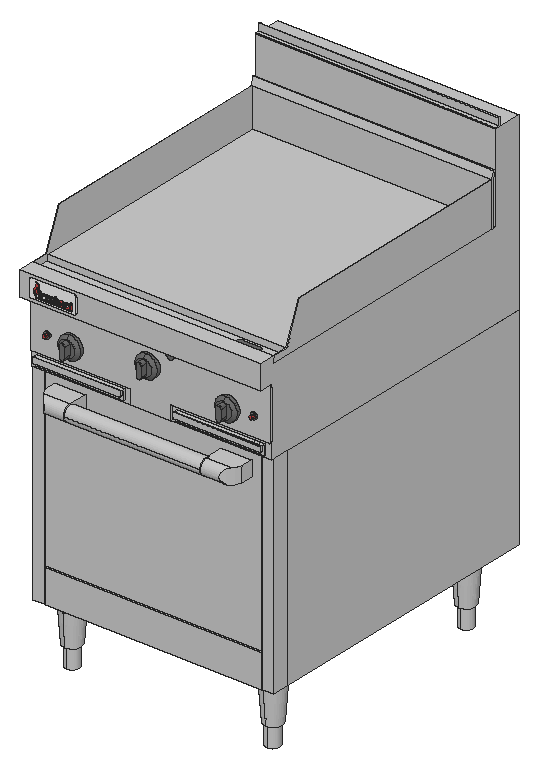
Revit family "QF_COMCATER ALL BRANDS_RCR6-6G", category Specialty Equipment, Revit 2014
Parameters (values of type "RCR6-6G_Natural Gas")
  URL Cutsheet = ""
  URL = ""
  Type Comments = "The Australian owned and designed* Trueheat RC Series of Gas Cooking Equipment has been developed for the restaurant and cafe market with a high quality finish, designed to fulfill the busy demands within a commercial kitchen.\r\n16mm thick steel griddle plate with 16.5MJ/hr burner per 300mm section.\r\n100% Flame failure controls included as standard. Piezo ignition on enclosed oven burners. Matt finish premium look.\r\n25MJ/hr static oven with two oven racks fit to removable vertical rack guides which provide 3 rack heights. Oven racks are fabricated from 304 stainless steel. Interior oven panels are coated with black vitreous enamel for ease of cleaning."
  Status [instance] = ""
  Specification by User [instance] = ""
  Specification by Manufacturer [instance] = ""
  Seismic Rating = ""
  SMACNA No = ""
  Revision Code [instance] = ""
  Nominal Gas power = 13800 W
  NAFEM Spec ID Number = ""
  Model = "RCR6-6G"
  Mechanical Connection Type [instance] = " "
  Masterspec = ""
  Manufacturer = "TRUEHEAT"
  Length Actual = 600 mm
  Item Number [instance] = ""
  Installed By [instance] = ""
  Identify Quantity as Lot [instance] = no
  Height Actual = 1135 mm
  Gas power kW = 13.8
  Gas Size Flexible = 0 mm
  Gas Size = 19.05 mm
  Gas RI Height [instance] = 0 mm
  Gas Flow = 0.0 L/s
  Gas Connection Height [instance] = 705 mm
  Furnished By [instance] = ""
  Foodservice Equipment Identifier [instance] = yes
  Description = "GRIDDLE RANGE WITH OVEN"
  Depth Actual = 830 mm
  CSI MasterFormat = ""
  BTUH = 13800 W
  Assembly Code = "E1090320"
  Accessory = no
Types (2): name
  RCR6-6G_Natural Gas
  RCR6-6G_LPG
Reference planes
  plane 1 "Center (Front/Back)": y = 0
  plane 2: z = 0
  plane 3 "Center (Left/Right)": x = 0
Forms (mm)
  Extrusion 1, solid
    sketch origin (96, 0, 705) x (1, 0, 0) y (0, 1, 0)
      loop
        line (0, 0) -> (2, 0) -> (2, 2) -> (0, 2) -> (0, 0)
    from 0 to 2
Dimensions and locks
  aligned and locked: level to plane 2
Nested families
  nested 1: "QF_COMCATER ALL BRANDS_RCR6-6G_Natural Gas" at (0, 0, 155), type "RCR6-6G_Natural Gas"
    with Show Logo yes, Show Clearance yes
  nested 2: "QF_COMCATER_THSP-10-00-003-6" at (0, 0, 0), type "THSP-10-00-003-6"
    with Show Logo yes, Show Clearance yes
Connectors
  piping at (97, 2, 706), diameter 19.05, driven by "Gas Size", driven by "Gas Flow"
    settings: on Extrusion 1, index 1, connector inside diameter 609.6 mm, connector length 0 mm, flow factor 0, pipe flow 0.0 L/s, pressure drop 0.0 Pa, fitting loss kfactor 0, connector angle 0.00°, fixture units 0, engagement length 0 mm, angle of deflection 0.00°, flow configuration 1, flow direction 1, fitting loss method 0, system type 22, joint type 0, gender type 0, connector reference index -1, connector utility 0, adjustable connector no, is connector primary yes, connector description "Gas connection for 'RCR6-6G'"
Definition of nested family "QF_COMCATER ALL BRANDS_RCR6-6G_Natural Gas"
  Parameters (values of type "RCR6-6G_Natural Gas")
    URL = "www.comcater.com.au"
    Show Logo [instance] = yes
    Show Clearance [instance] = yes
    Model = "RCR6-6G"
    Manufacturer = "TRUEHEAT"
    Description = "GRIDDLE RANGE WITH OVEN"
    Assembly Code = "E1090320"
  Reference planes
    plane 1 "Back": y = 0
    plane 2: z = 0
    plane 3 "Left": x = 0
    plane 4 "Right": x = 600
    plane 5 "Front": y = -803
    plane 6 "Top": z = 980
  Forms (mm)
    Extrusion 1, solid
      sketch origin (0, 0, 527.5) x (0, 1, 0) y (0, 0, 1)
        loop
          line (0, 432.5) -> (-70, 432.5) -> (-70, 212.5) -> (-762.176, 212.5) -> (-762.176, 227.5) -> (-803, 227.5) -> (-803, 167.5) -> (-768, 167.5) -> (-768, -2.5) -> (0, -2.5) -> (0, 432.5)
      from 0 to 600
    Extrusion 2, solid
      sketch origin (0, 10, 527.5) x (0, 1, 0) y (0, 0, 1)
        loop
          line (-87.071, 341.25) -> (-92.176, 322.195) -> (-92.176, 212.5) -> (-90.176, 212.5) -> (-90.176, 321.931) -> (-85, 341.25) -> (-87.071, 341.25)
      from 0 to 600
    Extrusion 3, solid
      sketch origin (598, 0, 527.5) x (0, 1, 0) y (0, 0, 1)
        loop
          line (-82.176, 322.195) -> (-682.176, 322.195) -> (-722.176, 227.5) -> (-762.176, 227.5) -> (-762.176, 212.5) -> (-82.176, 212.5) -> (-82.176, 322.195)
      from 0 to 2
    Extrusion 4, solid
      sketch origin (-4.5, -360, 512.5) x (1, 0, 0) y (0, 0, 1)
        loop
          line (6.5, 227.5) -> (602.5, 227.5) -> (602.5, 242.5) -> (6.5, 242.5) -> (6.5, 227.5)
      from -277.824 to 362.176
    Revolve 5, solid
      sketch origin (108.337, 8, 35.737) x (0, 1, 0) y (0, 0, 1)
        loop
          line (-786.003, 575.513) -> (-801, 575.513) -> (-801, 555.163) -> (-793.012, 547.176) -> (-786.003, 547.176) -> (-786.003, 575.513)
        axis (-786.003, 575.513) -> (-801, 575.513)
      angle from 0 to 360
    Extrusion 6, solid
      sketch origin (-264.343, -780, -888.928) x (-0.707107, 0, -0.707107) y (-0.707107, 0, 0.707107)
        loop
          arc (-1328.297, 810.227) -> (-1337.277, 810.227) -> (-1337.277, 801.247) r 6.35
          line (-1337.277, 801.247) -> (-1320.325, 784.294)
          arc (-1320.325, 784.294) -> (-1311.344, 784.294) -> (-1311.344, 793.275) r 6.35
          line (-1311.344, 793.275) -> (-1328.297, 810.227)
      from -13 to -28
    Extrusion 7, solid
      sketch origin (115.838, 32, 583.75) x (1, 0, 0) y (0, 0, 1)
        loop
          circle (234.162, 91.25) r 10.607
      from 803 to 805
    Extrusion 8, solid
      sketch origin (0, -768, 527.5) x (1, 0, 0) y (0, 0, 1)
        loop
          line (0, 162.5) -> (0, 40)
          arc (0, 40) -> (1.464, 36.464) -> (5, 35) r 5
          line (5, 35) -> (250, 35) -> (250, 0) -> (350, 0) -> (350, 35) -> (595, 35)
          arc (595, 35) -> (598.536, 36.464) -> (600, 40) r 5
          line (600, 40) -> (600, 162.5)
          arc (600, 162.5) -> (598.536, 166.036) -> (595, 167.5) r 5
          line (595, 167.5) -> (5, 167.5)
          arc (5, 167.5) -> (1.464, 166.036) -> (0, 162.5) r 5
      from 0 to 3
    Extrusion 9, solid
      sketch origin (92.5, -781, 527.5) x (1, 0, 0) y (0, 0, 1)
        loop
          arc (-77.5, 20) -> (-76.036, 16.464) -> (-72.5, 15) r 5
          line (-72.5, 15) -> (137.5, 15)
          arc (137.5, 15) -> (141.036, 16.464) -> (142.5, 20) r 5
          line (142.5, 20) -> (142.5, 30) -> (-77.5, 30) -> (-77.5, 20)
      from 0 to 2
    Extrusion 10, solid
      sketch origin (92.5, -5, 527.5) x (0, 1, 0) y (0, 0, 1)
        loop
          line (-776, 30) -> (-776, 27.971) -> (-768.029, 27.971) -> (-768.029, 4.971) -> (-766, 4.971) -> (-766, 30) -> (-776, 30)
      from -77.5 to 142.5
    Extrusion 11, solid, visible <- "Show Logo"
      sketch origin (30, -802.5, 534.763) x (1, 0, 0) y (0, 0, 1)
        loop
          line (98.5, 191.841) -> (96.5, 191.841) -> (96.5, 189.798) -> (95.026, 189.798) -> (95.026, 187.798) -> (96.5, 187.798) -> (96.5, 175.237) -> (98.5, 175.237) -> (98.5, 187.798) -> (100, 187.798) -> (100, 189.798) -> (98.5, 189.798) -> (98.5, 191.841)
        loop
          line (94, 187.798) -> (92, 187.798) -> (92, 186.56)
          arc (92, 186.56) -> (81.976, 181.518) -> (92, 176.475) r 6.28
          line (92, 176.475) -> (92, 175.237) -> (94, 175.237) -> (94, 187.798)
        loop
          arc (92, 183.592) -> (83.976, 181.518) -> (92, 179.443) r 4.28
          line (92, 179.443) -> (92, 183.592)
        loop
          line (65.446, 184.298) -> (65.446, 175.237) -> (67.446, 175.237) -> (67.446, 184.729)
          arc (67.446, 184.729) -> (64.497, 187.542) -> (60.446, 187.101) r 4.833
          line (60.446, 187.101) -> (60.446, 191.841) -> (58.446, 191.841) -> (58.446, 175.237) -> (60.446, 175.237) -> (60.446, 184.298)
          arc (60.446, 184.298) -> (62.946, 185.798) -> (65.446, 184.298) r 2.833
        loop
          arc (80.998, 181.518) -> (69.107, 184.34) -> (78.461, 176.475) r 6.28
          line (78.461, 176.475) -> (77.269, 178.081)
          arc (77.269, 178.081) -> (72.794, 177.694) -> (70.437, 181.518) r 4.28
          line (70.437, 181.518) -> (80.998, 181.518)
        loop
          arc (78.502, 183.518) -> (74.717, 185.798) -> (70.933, 183.518) r 4.28
          line (70.933, 183.518) -> (78.502, 183.518)
      from 0 to 2
    Extrusion 12, solid, visible <- "Show Logo"
      sketch origin (14.146, -802.5, 534.763) x (1, 0, 0) y (0, 0, 1)
        loop
          arc (70.804, 183.518) -> (67.02, 185.798) -> (63.236, 183.518) r 4.28
          line (63.236, 183.518) -> (70.804, 183.518)
        loop
          arc (73.3, 181.518) -> (61.409, 184.34) -> (70.764, 176.475) r 6.28
          line (70.764, 176.475) -> (69.572, 178.081)
          arc (69.572, 178.081) -> (65.096, 177.694) -> (62.74, 181.518) r 4.28
          line (62.74, 181.518) -> (73.3, 181.518)
        loop
          line (34.617, 191.841) -> (34.617, 189.798) -> (33.143, 189.798) -> (33.143, 187.798) -> (34.617, 187.798) -> (34.617, 175.237) -> (36.617, 175.237) -> (36.617, 187.798) -> (38.117, 187.798) -> (38.117, 189.798) -> (36.617, 189.798) -> (36.617, 191.841) -> (34.617, 191.841)
        loop
          arc (57.696, 178.737) -> (55.196, 177.237) -> (52.696, 178.737) r 2.833
          line (52.696, 178.737) -> (52.696, 187.798) -> (50.696, 187.798) -> (50.696, 178.307)
          arc (50.696, 178.307) -> (55.196, 175.237) -> (59.696, 178.307) r 4.833
          line (59.696, 178.307) -> (59.696, 187.798) -> (57.696, 187.798) -> (57.696, 178.737)
        loop
          line (41.117, 186.56) -> (41.117, 187.798) -> (39.117, 187.798) -> (39.117, 175.237) -> (41.117, 175.237) -> (41.117, 183.592)
          arc (41.117, 183.592) -> (44.587, 185.789) -> (48.31, 184.053) r 4.28
          line (48.31, 184.053) -> (49.735, 185.478)
          arc (49.735, 185.478) -> (45.643, 187.749) -> (41.117, 186.56) r 6.28
      from 0 to 2
    Extrusion 13, solid, visible <- "Show Logo"
      sketch origin (0, -802.5, 532.5) x (1, 0, 0) y (0, 0, 1)
        loop
          line (130, 176.5) -> (40, 176.5) -> (40, 175.5) -> (130, 175.5) -> (130, 176.5)
        loop
          arc (40, 177.5) -> (40.603, 181.061) -> (42.43, 184.177) r 10.013
          arc (42.43, 184.177) -> (44.457, 187.03) -> (45.914, 190.212) r 18.627
          arc (45.914, 190.212) -> (46.43, 193.956) -> (45.458, 197.608) r 9.58
          arc (45.458, 197.608) -> (44.352, 194.23) -> (41.979, 191.583) r 8.629
          arc (41.979, 191.583) -> (38.017, 184.959) -> (40, 177.5) r 9.924
        loop
          arc (39.054, 199.801) -> (35.351, 191.043) -> (36.701, 181.631) r 17.746
          arc (36.701, 181.631) -> (36.715, 187.191) -> (39.483, 192.014) r 10.848
          arc (39.483, 192.014) -> (42.461, 196.051) -> (44.165, 200.77) r 17.413
          arc (44.165, 200.77) -> (46.042, 199.588) -> (47.328, 197.781) r 5.718
          arc (47.328, 197.781) -> (46.772, 205.563) -> (40.995, 210.808) r 10.489
          arc (40.995, 210.808) -> (41.42, 205.059) -> (39.054, 199.801) r 11.727
      from 0 to 2
    Extrusion 14, solid, visible <- "Show Logo"
      sketch origin (0, -802, 532.5) x (1, 0, 0) y (0, 0, 1)
        loop
          line (29.373, 170.5) -> (135, 170.5)
          arc (135, 170.5) -> (138.536, 171.964) -> (140, 175.5) r 5
          line (140, 175.5) -> (140, 210.808)
          arc (140, 210.808) -> (138.536, 214.344) -> (135, 215.808) r 5
          line (135, 215.808) -> (29.373, 215.808)
          arc (29.373, 215.808) -> (25.837, 214.344) -> (24.373, 210.808) r 5
          line (24.373, 210.808) -> (24.373, 175.5)
          arc (24.373, 175.5) -> (25.837, 171.964) -> (29.373, 170.5) r 5
      from 0 to 2
    Extrusion 15, solid
      sketch origin (122.5, 20, 740) x (1, 0, 0) y (0, 1, 0)
        loop
          arc (377.5, -752.176) -> (367.5, -762.176) -> (377.5, -772.176) r 10
          line (377.5, -772.176) -> (417.5, -772.176)
          arc (417.5, -772.176) -> (427.5, -762.176) -> (417.5, -752.176) r 10
          line (417.5, -752.176) -> (377.5, -752.176)
      from 0 to 2
    Extrusion 16, solid
      sketch origin (-0.651, 232.549, -154.55) x (0, 1, 0) y (0, 0, 1)
        loop
          circle (-1043.639, 639.629) r 18.893
      from 130.651 to 470.651
    Extrusion 17, solid
      sketch origin (0, -45.176, -155) x (0, 1, 0) y (0, 0, 1)
        loop
          line (-717.007, 680) -> (-717.007, 242) -> (-677, 242) -> (-677, 680) -> (-717.007, 680)
      from 30 to 570
    Extrusion 18, void
      sketch origin (0, -26.983, -155) x (1, 0, 0) y (0, 1, 0)
        loop
          arc (82.311, -803.017) -> (66.504, -785.661) -> (54.97, -765.213) r 104.494
          line (54.97, -765.213) -> (54.97, -803.017) -> (82.311, -803.017)
      from 621.18 to 659
    Extrusion 19, solid
      sketch origin (0, -45.183, -155) x (0, 1, 0) y (0, 0, 1)
        loop
          line (-677, 155) -> (-677, 237) -> (-717, 237) -> (-717, 155) -> (-677, 155)
      from 30 to 570
    Extrusion 20, solid
      sketch origin (0, -45.176, -155) x (1, 0, 0) y (0, 0, 1)
        loop
          line (0, 680) -> (0, 155) -> (28, 155) -> (28, 680) -> (0, 680)
        loop
          line (572, 680) -> (572, 155) -> (600, 155) -> (600, 680) -> (572, 680)
      from 677 to 717.007
    Revolve 21, solid
      sketch origin (499.175, 8, 35.737) x (0, 1, 0) y (0, 0, -1)
        loop
          line (-786.003, -575.513) -> (-786.003, -547.176) -> (-793.012, -547.176) -> (-801, -555.163) -> (-801, -575.513) -> (-786.003, -575.513)
        axis (-786.003, -575.513) -> (-801, -575.513)
      angle from 0 to 360
    Extrusion 22, solid
      sketch origin (871.856, -780, -888.928) x (0.707107, 0, -0.707107) y (-0.707107, 0, -0.707107)
        loop
          line (-1328.297, -810.227) -> (-1311.344, -793.275)
          arc (-1311.344, -793.275) -> (-1311.344, -784.294) -> (-1320.325, -784.294) r 6.35
          line (-1320.325, -784.294) -> (-1337.277, -801.247)
          arc (-1337.277, -801.247) -> (-1337.277, -810.227) -> (-1328.297, -810.227) r 6.35
      from -13 to -28
    Revolve 23, solid
      sketch origin (300, 8, 61.149) x (0, 1, 0) y (0, 0, -1)
        loop
          line (-786.003, -575.513) -> (-786.003, -547.176) -> (-793, -547.176) -> (-801, -555.176) -> (-801, -575.513) -> (-786.003, -575.513)
        axis (-786.003, -575.513) -> (-801, -575.513)
      angle from 0 to 360
    Extrusion 24, solid
      sketch origin (672.681, -780, -863.515) x (0.707107, 0, -0.707107) y (-0.707107, 0, -0.707107)
        loop
          line (-1328.297, -810.227) -> (-1311.344, -793.275)
          arc (-1311.344, -793.275) -> (-1311.344, -784.294) -> (-1320.325, -784.294) r 6.35
          line (-1320.325, -784.294) -> (-1337.277, -801.247)
          arc (-1337.277, -801.247) -> (-1337.277, -810.227) -> (-1328.297, -810.227) r 6.35
      from -13 to -28
    Extrusion 25, solid
      sketch origin (0, -8.09, -155) x (0, 1, 0) y (0, 0, 1)
        loop
          line (-754.093, 659) -> (-803, 659)
          arc (-803, 659) -> (-821.91, 640.09) -> (-803, 621.18) r 18.91
          line (-803, 621.18) -> (-754.093, 621.18) -> (-754.093, 659)
      from 54.97 to 130
    Extrusion 26, solid
      sketch origin (0, 677, -155) x (1, 0, 0) y (0, 0, 1)
        loop
          line (0, 680) -> (0, 155) -> (600, 155) -> (600, 680) -> (0, 680)
      from 677 to 1399.176
    Extrusion 27, solid
      sketch origin (600, -8.09, -155) x (0, 1, 0) y (0, 0, -1)
        loop
          line (-754.093, -659) -> (-754.093, -621.18) -> (-803, -621.18)
          arc (-803, -621.18) -> (-821.91, -640.09) -> (-803, -659) r 18.91
          line (-803, -659) -> (-754.093, -659)
      from 54.97 to 130
    Extrusion 28, void
      sketch origin (600, -26.983, -155) x (-1, 0, 0) y (0, -1, 0)
        loop
          line (82.311, 803.017) -> (54.97, 803.017) -> (54.97, 765.213)
          arc (54.97, 765.213) -> (66.504, 785.661) -> (82.311, 803.017) r 104.494
      from 621.18 to 659
    Extrusion 29, solid
      sketch origin (0, -5, -155) x (1, 0, 0) y (0, 0, 1)
        loop
          circle (108.338, 766.25) r 8
      from 766 to 773.003
    Extrusion 30, solid
      sketch origin (390.837, -5, -155) x (1, 0, 0) y (0, 0, 1)
        loop
          circle (108.338, 766.25) r 8
      from 766 to 773.003
    Extrusion 31, solid
      sketch origin (191.662, -5, -129.588) x (1, 0, 0) y (0, 0, 1)
        loop
          circle (108.338, 766.25) r 8
      from 766 to 773.003
    Extrusion 32, solid
      sketch origin (507.5, -781, 527.5) x (-1, 0, 0) y (0, 0, -1)
        loop
          line (-77.5, -20) -> (-77.5, -30) -> (142.5, -30) -> (142.5, -20)
          arc (142.5, -20) -> (141.036, -16.464) -> (137.5, -15) r 5
          line (137.5, -15) -> (-72.5, -15)
          arc (-72.5, -15) -> (-76.036, -16.464) -> (-77.5, -20) r 5
      from 0 to 2
    Extrusion 33, solid
      sketch origin (507.5, -5, 527.5) x (0, 1, 0) y (0, 0, -1)
        loop
          line (-776, -30) -> (-766, -30) -> (-766, -4.971) -> (-768.029, -4.971) -> (-768.029, -27.971) -> (-776, -27.971) -> (-776, -30)
      from -77.5 to 142.5
    Extrusion 34, solid, visible <- "Show Clearance", detail levels coarse
      sketch origin (0, -5, -155) x (0, 1, 0) y (0, 0, 1)
        loop
          line (-768.029, 687.471) -> (-768.029, 712.5) -> (-1191.183, 712.5) -> (-1191.183, 687.471) -> (-768.029, 687.471)
      from 15 to 235
    Extrusion 35, solid, visible <- "Show Clearance", detail levels coarse
      sketch origin (350, -5, -155) x (0, 1, 0) y (0, 0, 1)
        loop
          line (-768.029, 687.471) -> (-768.029, 712.5) -> (-1191.183, 712.5) -> (-1191.183, 687.471) -> (-768.029, 687.471)
      from 15 to 235
    Extrusion 36, solid, visible <- "Show Clearance", detail levels coarse
      sketch origin (0, 0.817, -155) x (0, 1, 0) y (0, 0, 1)
        loop
          arc (-763, 676) -> (-1069.884, 548.884) -> (-1197, 242) r 434
          line (-1197, 242) -> (-763, 242) -> (-763, 676)
      from 30 to 570
    Extrusion 37, solid
      sketch origin (0, -23, 525) x (0, 1, 0) y (0, 0, 1)
        loop
          line (-47, 435) -> (-35, 435) -> (-35, 455) -> (-37, 455) -> (-37, 437) -> (-47, 437) -> (-47, 435)
      from 0 to 600
    Extrusion 38, solid
      sketch origin (96, 10, -303) x (1, 0, 0) y (0, 0, 1)
        loop
          circle (0, 850) r 9.3
      from 0 to 10
    Extrusion 39, solid
      sketch origin (0, 0, 527.5) x (0, 1, 0) y (0, 0, 1)
        loop
          line (-82.176, 322.195) -> (-682.176, 322.195) -> (-722.176, 227.5) -> (-762.176, 227.5) -> (-762.176, 212.5) -> (-82.176, 212.5) -> (-82.176, 322.195)
      from 0 to 2
    Revolve 40, solid
      sketch origin (42.5, -8, 468.623) x (0, 1, 0) y (0, 0, 1)
        loop
          line (-763, 142.627) -> (-763, 150.127) -> (-765.011, 150.127) -> (-767, 146.627) -> (-767, 142.627) -> (-763, 142.627)
        axis (-767, 142.627) -> (-763, 142.627)
      angle from 0 to 360
    Extrusion 41, solid
      sketch origin (42.5, -8, 468.623) x (1, 0, 0) y (0, 0, 1)
        loop
          circle (0, 142.627) r 4
      from 772.997 to 767
    Revolve 42, solid
      sketch origin (557.5, -8, 468.623) x (0, 1, 0) y (0, 0, -1)
        loop
          line (-763, -142.627) -> (-767, -142.627) -> (-767, -146.627) -> (-765.011, -150.127) -> (-763, -150.127) -> (-763, -142.627)
        axis (-767, -142.627) -> (-763, -142.627)
      angle from 0 to 360
    Extrusion 43, solid
      sketch origin (557.5, -8, 468.623) x (-1, 0, 0) y (0, 0, -1)
        loop
          circle (0, -142.627) r 4
      from 772.997 to 767
    Extrusion 44, solid, visible <- "Show Clearance", detail levels coarse
      sketch origin (0, 0, -155) x (1, 0, 0) y (0, 1, 0)
        loop
          line (750, 150) -> (-150, 150) -> (-150, -803) -> (0, -803) -> (0, 0) -> (600, 0) -> (600, -803) -> (750, -803) -> (750, 150)
      from 155 to 1135
  Cuts and joins
    Extrusion 18, Extrusion 28 cuts Extrusion 25
    Extrusion 28 cuts Extrusion 27
  Lines and regions (mm)
    symbolic lines, style "200-EquipBorder-2D"
      curve 1: line (0, 0, 0) -> (600, 0, 0)
      curve 2: line (600, -803, 0) -> (0, -803, 0)
      curve 6: line (0, 0, 0) -> (0, -803, 0)
      curve 7: line (600, -803, 0) -> (600, 0, 0)
      curve 11: line (86.7, 10, 0) -> (105.3, 10, 0)
      curve 12: line (105.3, 10, 0) -> (105.3, 0, 0)
      curve 13: line (86.7, 10, 0) -> (86.7, 0, 0)
      curve 14: line (82.311, -830, 0) -> (517.689, -830, 0)
      curve 15: arc (539.695, -803, 0) -> (529.825, -817.423, 0) -> (517.689, -830, 0) r 104.494
      curve 16: arc (82.311, -830, 0) -> (70.175, -817.423, 0) -> (60.305, -803, 0) r 104.494
      curve 28: line (0, -70, 0) -> (600, -70, 0)
    symbolic lines, style "QF_Door-Drawer Clearances", visible <- "Show Clearance"
      curve 3: line (30, -803, 0) -> (30, -1196.183, 0)
      curve 4: line (30, -1196.183, 0) -> (570, -1196.183, 0)
      curve 5: line (570, -1196.183, 0) -> (570, -803, 0)
    symbolic lines, style "200-EquipInternal-2D"
      curve 8: line (2, -722.176, 0) -> (598, -722.176, 0)
      curve 9: line (600, -762.176, 0) -> (0, -762.176, 0)
      curve 10: line (2, -762.176, 0) -> (2, -82.176, 0)
      curve 17: line (598, -82.176, 0) -> (598, -762.176, 0)
      curve 18: line (2, -82.176, 0) -> (598, -82.176, 0)
      curve 22: line (500, -732.176, 0) -> (540, -732.176, 0)
      curve 23: line (540, -752.176, 0) -> (500, -752.176, 0)
      curve 24: arc (500, -732.176, 0) -> (490, -742.176, 0) -> (500, -752.176, 0) r 10
      curve 25: arc (540, -752.176, 0) -> (550, -742.176, 0) -> (540, -732.176, 0) r 10
      curve 26: line (600, -58, 0) -> (0, -58, 0)
      curve 27: line (0, -60, 0) -> (600, -60, 0)
      curve 29: line (600, -80.176, 0) -> (0, -80.176, 0)
    symbolic lines, style "QF_Clearances", visible <- "Show Clearance"
      curve 19: line (-150, 150, 0) -> (750, 150, 0)
      curve 20: line (750, 150, 0) -> (750, -803, 0)
      curve 21: line (-150, 150, 0) -> (-150, -803, 0)
  Dimensions and locks
    plane 1 "Back" to plane 5 "Front" = 803 mm
    plane 6 "Top" to level = 980 mm
    plane 3 "Left" to plane 4 "Right" = 600 mm
    plane 5 "Front" to plane 1 "Back" = 803 mm
    plane 4 "Right" to plane 3 "Left" = 600 mm
    aligned and locked: level to plane 2
  Connectors
    piping at (96, 10, 547), diameter 19
      settings: on Extrusion 38, index 1, connector inside diameter 609.6 mm, connector length 0 mm, flow factor 0, pipe flow 0.0 L/s, pressure drop 0.0 Pa, fitting loss kfactor 0, connector angle 0.00°, fixture units 0, engagement length 0 mm, angle of deflection 0.00°, flow configuration 1, flow direction 1, fitting loss method 0, system type 22, joint type 0, gender type 0, connector reference index -1, connector utility 0, adjustable connector no, is connector primary yes, connector description "Gas Inlet"
Definition of nested family "QF_COMCATER_THSP-10-00-003-6"
  Parameters (values of type "THSP-10-00-003-6")
    URL = ""
    Type Comments = ""
    Show Logo [instance] = yes
    Show Clearance [instance] = yes
    Model = "THSP-10-00-003"
    Manufacturer = "TRUEHEAT"
    Length Actual = 600 mm
    Height Actual = 155 mm
    Description = "4 LEGS FOR RCR6"
    Depth Actual = 803 mm
    Assembly Code = "E1090320"
    Accessory = yes
  Reference planes
    plane 1 "Back": y = 0
    plane 2: z = 0
    plane 3 "Left": x = 0
    plane 4 "Right": x = 600
    plane 5 "Front": y = -803
    plane 6 "Top": z = 155
  Forms (mm)
    Revolve 1, solid
      sketch origin (50, -35, 0) x (0, 1, 0) y (0, 0, 1)
        loop
          line (-48, 0) -> (-48, 50) -> (-42.525, 50) -> (-34.779, 155) -> (-65, 155) -> (-65, 0) -> (-48, 0)
        axis (-65, 155) -> (-65, 0)
      angle from 0 to 360
    Revolve 2, solid
      sketch origin (550, -35, 0) x (0, 1, 0) y (0, 0, -1)
        loop
          line (-48, 0) -> (-65, 0) -> (-65, -155) -> (-34.779, -155) -> (-42.525, -50) -> (-48, -50) -> (-48, 0)
        axis (-65, -155) -> (-65, 0)
      angle from 0 to 360
    Revolve 3, solid
      sketch origin (50, -638, 0) x (0, 1, 0) y (0, 0, 1)
        loop
          line (-48, 0) -> (-48, 50) -> (-42.525, 50) -> (-34.779, 155) -> (-65, 155) -> (-65, 0) -> (-48, 0)
        axis (-65, 155) -> (-65, 0)
      angle from 0 to 360
    Revolve 4, solid
      sketch origin (550, -638, 0) x (0, 1, 0) y (0, 0, -1)
        loop
          line (-48, 0) -> (-65, 0) -> (-65, -155) -> (-34.779, -155) -> (-42.525, -50) -> (-48, -50) -> (-48, 0)
        axis (-65, -155) -> (-65, 0)
      angle from 0 to 360
  Dimensions and locks
    plane 1 "Back" to plane 5 "Front" = 803 mm
    plane 6 "Top" to level = 155 mm
    plane 3 "Left" to plane 4 "Right" = 600 mm
    plane 5 "Front" to plane 1 "Back" = 803 mm
    plane 4 "Right" to plane 3 "Left" = 600 mm
    aligned and locked: level to plane 2
